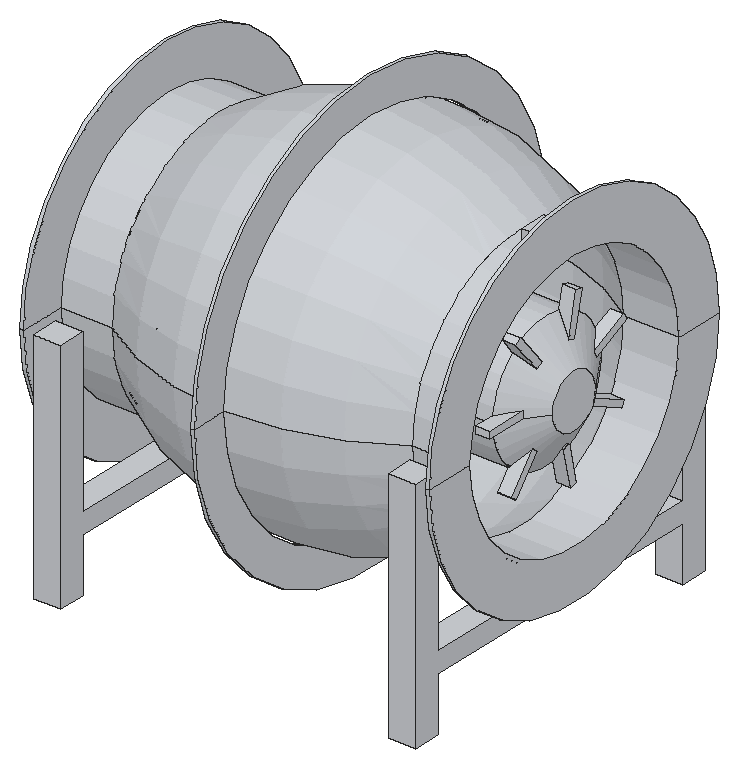
Revit family "M_Ventilador centrífugo - Em linha - Tubular", category Equipamento mecânico, Revit 2019
Family settings
  Cota do conector redondo = Usar raio
  Tipo de parte = Normal
  Número OmniClass = 23.75.35.17.27
  Título OmniClass = Centrifugal Fans
  ID de item do Seek = Centrifugal Fan - Inline - Tubular-0000-CAN-ENU
  Com base no plano de trabalho = Não
  Sempre na vertical = Sim
  Corte com vazios quando carregada = Não
  Compartilhado = Não
  Ponto de cálculo do ambiente = Não
Parameters (values of type "25-420 LPS")
  Voltagem = 208 V
  Deslocamento do suporte 2 = 311 mm
  Deslocamento do suporte 1 = 330 mm
  Classificação de carga = Refrigeração
  Pressão estática externa [instance] = 124.0 Pa
  Raio 7 = 25 mm
  Raio 6 = Comprimento 3  # 18.75 mm
  Raio 5 = 0.05 * Diâmetro da entrada de ar  # 12.5 mm
  Raio 4 = 0.5 * Diâmetro 1  # 205.5 mm
  Raio 3 = 0.5 * Diâmetro 3  # 62.5 mm
  Raio 2 = Raio 1 - 3 mm  # 235 mm
  Raio 1 = 238 mm
  RPM [instance] = 1725 Hz
  Comprimento total = 381 mm
  Altura total = Altura 1 + (Diâmetro 1 * 0.5)  # 425.5 mm
  Número de pólos = 3
  Comprimento 4 = 0.5 * (Comprimento total - Deslocamento do suporte 1)  # 25.5 mm
  Comprimento 3 = 1.5 * Raio 5  # 18.75 mm
  Comprimento 2 = 0.5 * Raio 5  # 6.25 mm
  Comprimento 1 = Raio 3 + 20 mm  # 82.5 mm
  Altura 1 = 220 mm
  Fluxo [instance] = 420.0 L/s
  Raio do ventilador = 0.5 * Diâmetro do ventilador  # 172 mm
  Material do ventilador = none
  Diâmetro do ventilador = Diâmetro 1 - 67 mm  # 344 mm
  Diâmetro 3 = 0.5 * Diâmetro da entrada de ar  # 125 mm
  Diâmetro 1 = 411 mm
  Carga aparente [instance] = 104 VA
  Raio do duto = 125 mm
  Diâmetro da entrada de ar = Raio do duto * 2  # 250 mm
Types (8, lengths in mm): name | Deslocamento do suporte 2 | Deslocamento do suporte 1 | Raio 6 | Raio 5 | Raio 4 | Raio 3 | Raio 2 | Raio 1 | RPM | Comprimento total | Altura total | Comprimento 4 | Comprimento 3 | Comprimento 2 | Comprimento 1 | Altura 1 | Fluxo | Raio do ventilador | Diâmetro do ventilador | Diâmetro 3 | Diâmetro 1 | Carga aparente | Raio do duto | Diâmetro da entrada de ar
  (no name) | 311 | 330 | 18.75 | 12.5 | 205.5 | 62.5 | 235 | 238 | 1725 Hz | 381 | 425.5 | 25.5 | 18.75 | 6.25 | 82.5 | 220 | 420.0 L/s | 172 | 344 | 125 | 411 | 104 VA | 125 | 250
  24-165 LPS | 260 | 286 | 15 | 10 | 170.5 | 50 | 208 | 211 | 1550 Hz | 337 | 348.5 | 25.5 | 15 | 5 | 70 | 178 | 165.0 L/s | 137 | 274 | 100 | 341 | 31.3 VA | 100 | 200
  25-420 LPS | 311 | 330 | 18.75 | 12.5 | 205.5 | 62.5 | 235 | 238 | 1725 Hz | 381 | 425.5 | 25.5 | 18.75 | 6.25 | 82.5 | 220 | 420.0 L/s | 172 | 344 | 125 | 411 | 104 VA | 125 | 250
  76-763 LPS | 359 | 384 | 22.5 | 15 | 244.5 | 75 | 263 | 266 | 1725 Hz | 435 | 496.5 | 25.5 | 22.5 | 7.5 | 95 | 252 | 763.0 L/s | 211 | 422 | 150 | 489 | 209 VA | 150 | 300
  71-1347 LPS | 413 | 435 | 26.25 | 17.5 | 278.5 | 87.5 | 301 | 304 | 1725 Hz | 486 | 568.5 | 25.5 | 26.25 | 8.75 | 107.5 | 290 | 1347.0 L/s | 245 | 490 | 175 | 557 | 627 VA | 175 | 350
  221-2095 LPS | 464 | 497 | 30 | 20 | 315 | 100 | 350 | 353 | 1725 Hz | 548 | 637 | 25.5 | 30 | 10 | 120 | 322 | 2095.0 L/s | 281.5 | 563 | 200 | 630 | 1250 VA | 200 | 400
  172-2039 LPS | 518 | 572 | 33.75 | 22.5 | 352.5 | 112.5 | 417 | 420 | 1140 Hz | 622 | 707.5 | 25 | 33.75 | 11.25 | 132.5 | 355 | 2040.0 L/s | 319 | 638 | 225 | 705 | 627 VA | 225 | 450
  489-2667 LPS | 572 | 619 | 37.5 | 25 | 387 | 125 | 451 | 454 | 1140 Hz | 667 | 787 | 24 | 37.5 | 12.5 | 145 | 400 | 2667.0 L/s | 353.5 | 707 | 250 | 774 | 940 VA | 250 | 500
Reference planes
  plane 1 "Centro (Frente/Trás)": y = 0
  plane 2: z = 0
  plane 3 "Centro (Esquerda/Direita)": x = 0
  plane 4: y = 155.5
  plane 5: y = -155.5
  plane 6: y = 168.2
  plane 7: y = 142.8
  plane 8: y = -142.8
  plane 9: y = -168.2
  plane 10: x = 12.7
  plane 11: x = 25.4
  plane 12: x = 342.7
  plane 13: x = 355.4
  plane 14: x = 330
  plane 15 "Planta 1": z = 220
  plane 16: z = 50.8
  plane 17: z = 69.85
  plane 18: x = -12.8
  plane 19: x = 368.2
  plane 20: y = 125
  plane 21: y = 121.825
  plane 22: x = 38
  plane 23: x = 317.4
  plane 24: x = 177.7
  plane 25: x = -9.625
  plane 26: x = 365.025
  plane 27: y = 12.7
  plane 28: y = -12.7
  plane 29: z = 345
  plane 30: z = 356.113
  plane 31: y = 205.5
  plane 32: y = -205.5
  plane 33: y = 172
  plane 34: x = 176.113
  plane 35: x = 179.288
  plane 36: x = 196.45
  plane 37: x = 158.95
  plane 38: x = 183.95
  plane 39: x = 171.45
Forms (mm)
  Extrusion 1, solid, material <- "Material do ventilador"
    sketch origin (0, 0, 0) x (1, 0, 0) y (0, 1, 0)
      loop
        line (0, 168.2) -> (0, 142.8) -> (25.4, 142.8) -> (25.4, 168.2) -> (0, 168.2)
    from 0 to 220
  Extrusion 2, solid, material <- "Material do ventilador"
    sketch origin (0, 0, 0) x (1, 0, 0) y (0, 1, 0)
      loop
        line (0, -142.8) -> (0, -168.2) -> (25.4, -168.2) -> (25.4, -142.8) -> (0, -142.8)
    from 0 to 220
  Extrusion 3, solid, material <- "Material do ventilador"
    sketch origin (0, 0, 0) x (1, 0, 0) y (0, 1, 0)
      loop
        line (330, -142.8) -> (330, -168.2) -> (355.4, -168.2) -> (355.4, -142.8) -> (330, -142.8)
    from 0 to 220
  Extrusion 4, solid, material <- "Material do ventilador"
    sketch origin (0, 0, 0) x (1, 0, 0) y (0, 1, 0)
      loop
        line (330, 168.2) -> (330, 142.8) -> (355.4, 142.8) -> (355.4, 168.2) -> (330, 168.2)
    from 0 to 220
  Extrusion 5, solid, material <- "Material do ventilador"
    sketch origin (0, 0, 0) x (1, 0, 0) y (0, 1, 0)
      loop
        line (0, 142.8) -> (0, -142.8) -> (25.4, -142.8) -> (25.4, 142.8) -> (0, 142.8)
    from 50.8 to 69.85
  Extrusion 6, solid, material <- "Material do ventilador"
    sketch origin (0, 0, 0) x (1, 0, 0) y (0, 1, 0)
      loop
        line (330, 142.8) -> (330, -142.8) -> (355.4, -142.8) -> (355.4, 142.8) -> (330, 142.8)
    from 50.8 to 69.85
  Extrusion 7, solid, material <- "Material do ventilador"
    sketch origin (0, 0, 0) x (0, 1, 0) y (0, 0, 1)
      loop
        circle (0, 220) r 62.5
    from 12.7 to 342.7
  Blend 8, solid, material <- "Material do ventilador"
    base sketch origin (0, 0, 0) x (0, 1, 0) y (0, 0, 1)
      loop
        circle (0, 220) r 62.5
    top sketch origin (0, 0, 0) x (0, 1, 0) y (0, 0, 1)
      loop
        circle (0, 220) r 25
    from 12.7 to -12.8
  Blend 9, solid, material <- "Material do ventilador"
    base sketch origin (0, 0, 0) x (0, 1, 0) y (0, 0, 1)
      loop
        circle (0, 220) r 62.5
    top sketch origin (0, 0, 0) x (0, 1, 0) y (0, 0, 1)
      loop
        circle (0, 220) r 25
    from 342.7 to 368.2
  Extrusion 10, solid, material <- "Material do ventilador"
    sketch origin (0, 0, -0.794) x (0, 1, 0) y (0, 0, 1)
      loop
        line (0, 227.144) -> (-82.5, 227.144) -> (-82.5, 220.794) -> (0, 220.794) -> (0, 227.144)
    from 0 to 12.7
  Extrusion 11, solid, material <- "Material do ventilador"
    sketch origin (0, 312.772, 150.623) x (0, 0.62349, 0.781831) y (0, -0.781831, 0.62349)
      loop
        line (-140.769, 294.141) -> (-223.269, 294.141) -> (-223.269, 287.791) -> (-140.769, 287.791) -> (-140.769, 294.141)
    from 0 to 12.7
  Extrusion 12, solid, material <- "Material do ventilador"
    sketch origin (0, -312.772, 150.623) x (0, 0.62349, -0.781831) y (0, 0.781831, 0.62349)
      loop
        line (140.769, 294.141) -> (58.269, 294.141) -> (58.269, 287.791) -> (140.769, 287.791) -> (140.769, 294.141)
    from 0 to 12.7
  Extrusion 13, solid, material <- "Material do ventilador"
    sketch origin (0, -390.02, 489.069) x (0, -0.222521, -0.974928) y (0, 0.974928, -0.222521)
      loop
        line (175.536, 446.465) -> (93.036, 446.465) -> (93.036, 440.115) -> (175.536, 440.115) -> (175.536, 446.465)
    from 0 to 12.7
  Extrusion 14, solid, material <- "Material do ventilador"
    sketch origin (0, -173.575, 760.483) x (0, -0.900969, -0.433884) y (0, 0.433884, -0.900969)
      loop
        line (78.121, 568.619) -> (-4.379, 568.619) -> (-4.379, 562.269) -> (78.121, 562.269) -> (78.121, 568.619)
    from 0 to 12.7
  Extrusion 15, solid, material <- "Material do ventilador"
    sketch origin (0, 173.575, 760.483) x (0, -0.900969, 0.433884) y (0, -0.433884, -0.900969)
      loop
        line (-78.121, 568.619) -> (-160.621, 568.619) -> (-160.621, 562.269) -> (-78.121, 562.269) -> (-78.121, 568.619)
    from 0 to 12.7
  Extrusion 16, solid, material <- "Material do ventilador"
    sketch origin (0, 390.02, 489.069) x (0, -0.222521, 0.974928) y (0, -0.974928, -0.222521)
      loop
        line (-175.536, 446.465) -> (-258.036, 446.465) -> (-258.036, 440.115) -> (-175.536, 440.115) -> (-175.536, 446.465)
    from 0 to 12.7
  Extrusion 17, solid, material <- "Material do ventilador"
    sketch origin (0, 0, 0) x (0, 1, 0) y (0, 0, 1)
      loop
        line (-82.5, 226.35) -> (-82.5, 220) -> (0, 220) -> (0, 226.35) -> (-82.5, 226.35)
    from 342.7 to 355.4
  Extrusion 18, solid, material <- "Material do ventilador"
    sketch origin (0, -312.772, 150.623) x (0, 0.62349, -0.781831) y (0, 0.781831, 0.62349)
      loop
        line (58.269, 294.141) -> (58.269, 287.791) -> (140.769, 287.791) -> (140.769, 294.141) -> (58.269, 294.141)
    from 342.7 to 355.4
  Extrusion 19, solid, material <- "Material do ventilador"
    sketch origin (0, 312.772, 150.623) x (0, 0.62349, 0.781831) y (0, -0.781831, 0.62349)
      loop
        line (-223.269, 294.141) -> (-223.269, 287.791) -> (-140.769, 287.791) -> (-140.769, 294.141) -> (-223.269, 294.141)
    from 342.7 to 355.4
  Extrusion 20, solid, material <- "Material do ventilador"
    sketch origin (0, 390.02, 489.069) x (0, -0.222521, 0.974928) y (0, -0.974928, -0.222521)
      loop
        line (-258.036, 446.465) -> (-258.036, 440.115) -> (-175.536, 440.115) -> (-175.536, 446.465) -> (-258.036, 446.465)
    from 342.7 to 355.4
  Extrusion 21, solid, material <- "Material do ventilador"
    sketch origin (0, 173.575, 760.483) x (0, -0.900969, 0.433884) y (0, -0.433884, -0.900969)
      loop
        line (-160.621, 568.619) -> (-160.621, 562.269) -> (-78.121, 562.269) -> (-78.121, 568.619) -> (-160.621, 568.619)
    from 342.7 to 355.4
  Extrusion 22, solid, material <- "Material do ventilador"
    sketch origin (0, -173.575, 760.483) x (0, -0.900969, -0.433884) y (0, 0.433884, -0.900969)
      loop
        line (-4.379, 568.619) -> (-4.379, 562.269) -> (78.121, 562.269) -> (78.121, 568.619) -> (-4.379, 568.619)
    from 342.7 to 355.4
  Extrusion 23, solid, material <- "Material do ventilador"
    sketch origin (0, -390.02, 489.069) x (0, -0.222521, -0.974928) y (0, 0.974928, -0.222521)
      loop
        line (93.036, 446.465) -> (93.036, 440.115) -> (175.536, 440.115) -> (175.536, 446.465) -> (93.036, 446.465)
    from 342.7 to 355.4
  Revolve 24, solid, material <- "Material do ventilador"
    sketch origin (0, 0, 220) x (-1, 0, 0) y (0, -1, 0)
      loop
        line (12.8, -125) -> (12.8, -121.825) -> (-38, -121.825) -> (-38, -125) -> (12.8, -125)
      axis (12.8, 0) -> (-38, 0)
    angle from 0 to 360
  Revolve 25, solid, material <- "Material do ventilador"
    sketch origin (1.588, 0, 220) x (-1, 0, 0) y (0, -1, 0)
      loop
        line (-315.813, -125) -> (-315.813, -121.825) -> (-366.613, -121.825) -> (-366.613, -125) -> (-315.813, -125)
      axis (-315.813, 0) -> (-366.613, 0)
    angle from 0 to 360
  Revolve 26, solid, material <- "Material do ventilador"
    sketch origin (0, 0, 220) x (-1, 0, 0) y (0, -1, 0)
      loop
        line (-38, -125) -> (-38, -121.825)
        arc (-38, -121.825) -> (-177.7, -167.857) -> (-317.4, -121.825) r 235
        line (-317.4, -121.825) -> (-317.4, -125)
        arc (-317.4, -125) -> (-177.7, -170.314) -> (-38, -125) r 238
      axis (-38, 0) -> (-317.4, 0)
    angle from 0 to 360
  Revolve 27, solid, material <- "Material do ventilador"
    sketch origin (0, 0, 220) x (-1, 0, 0) y (0, -1, 0)
      loop
        line (12.8, -168.2) -> (12.8, -125) -> (9.625, -125) -> (9.625, -168.2) -> (12.8, -168.2)
      axis (12.8, 0) -> (9.625, 0)
    angle from 0 to 360
  Revolve 28, solid, material <- "Material do ventilador"
    sketch origin (0, 0, 220) x (-1, 0, 0) y (0, -1, 0)
      loop
        line (-365.025, -168.2) -> (-365.025, -125) -> (-368.2, -125) -> (-368.2, -168.2) -> (-365.025, -168.2)
      axis (-365.025, 0) -> (-368.2, 0)
    angle from 0 to 360
  Extrusion 29, solid, material <- "Material do ventilador"
    sketch origin (0, 0, 220) x (-1, 0, 0) y (0, -1, 0)
      loop
        line (-330, -12.7) -> (-330, 12.7) -> (-355.4, 12.7) -> (-355.4, -12.7) -> (-330, -12.7)
    from 125 to 136.113
  Revolve 30, solid, material <- "Material do ventilador"
    sketch origin (0, 0, 220) x (-1, 0, 0) y (0, -1, 0)
      loop
        line (-176.113, -205.5) -> (-176.113, -172) -> (-179.288, -172) -> (-179.288, -205.5) -> (-176.113, -205.5)
      axis (-176.113, 0) -> (-179.288, 0)
    angle from 0 to 360
Cuts and joins
  joined: Extrusion 7, Blend 8, Blend 9, Extrusion 10, Extrusion 11, Extrusion 12, Extrusion 13, Extrusion 14, Extrusion 15, Extrusion 16, Extrusion 17, Extrusion 18, Extrusion 19, Extrusion 20, Extrusion 21, Extrusion 22, Extrusion 23
  joined: Extrusion 1, Extrusion 2, Extrusion 5
  joined: Extrusion 3, Extrusion 4, Extrusion 6
  joined: Revolve 24, Revolve 25, Revolve 26, Revolve 27, Revolve 28, Extrusion 29
Lines and regions (mm)
  symbolic lines, detail levels coarse+medium
    curve 1: circle (177.7, 0, 0) r 12.5 normal (0, 0, 1)
    curve 2: line (171.45, 10.825, 0) -> (158.95, 155.5, 0)
    curve 3: line (196.45, 155.5, 0) -> (183.95, 10.825, 0)
    curve 4: arc (158.95, 155.5, 0) -> (177.7, 174.25, 0) -> (196.45, 155.5, 0) r 18.75
    curve 5: arc (158.95, -155.5, 0) -> (177.7, -174.25, 0) -> (196.45, -155.5, 0) r 18.75
    curve 6: line (196.45, -155.5, 0) -> (183.95, -10.825, 0)
    curve 7: line (171.45, -10.825, 0) -> (158.95, -155.5, 0)
    curve 8: line (-12.8, 205.5, 0) -> (368.2, 205.5, 0)
    curve 9: line (-12.8, -205.5, 0) -> (-12.8, 205.5, 0)
    curve 10: line (368.2, -205.5, 0) -> (-12.8, -205.5, 0)
    curve 11: line (368.2, 205.5, 0) -> (368.2, -205.5, 0)
  symbolic lines, detail levels fine
    curve 12: line (-12.8, 168.2, 0) -> (-9.625, 168.2, 0)
    curve 13: line (-12.8, -168.2, 0) -> (-12.8, 168.2, 0)
    curve 14: line (-9.625, -168.2, 0) -> (-12.8, -168.2, 0)
    curve 15: line (-9.625, 168.2, 0) -> (-9.625, -168.2, 0)
    curve 16: line (0, 168.2, 0) -> (25.4, 168.2, 0)
    curve 17: line (0, 125, 0) -> (0, 168.2, 0)
    curve 18: line (25.4, 168.2, 0) -> (25.4, 125, 0)
    curve 19: line (38, -123.75, 0) -> (-9.625, -123.75, 0)
    curve 20: line (38, 125, 0) -> (38, -123.75, 0)
    curve 21: line (-9.625, 125, 0) -> (38, 125, 0)
    curve 22: line (0, -123.75, 0) -> (0, -168.2, 0)
    curve 23: line (0, -168.2, 0) -> (25.4, -168.2, 0)
    curve 24: line (25.4, -168.2, 0) -> (25.4, -123.75, 0)
    curve 25: arc (38, 125, 0) -> (177.7, 170.314, 0) -> (317.4, 125, 0) r 238
    curve 26: line (317.4, 125, 0) -> (365.025, 125, 0)
    curve 27: line (330, 125, 0) -> (330, 168.2, 0)
    curve 28: line (330, 168.2, 0) -> (355.4, 168.2, 0)
    curve 29: line (355.4, 168.2, 0) -> (355.4, 125, 0)
    curve 30: line (365.025, 168.2, 0) -> (368.2, 168.2, 0)
    curve 31: line (365.025, -168.2, 0) -> (365.025, 168.2, 0)
    curve 32: line (368.2, -168.2, 0) -> (365.025, -168.2, 0)
    curve 33: line (368.2, 168.2, 0) -> (368.2, -168.2, 0)
    curve 34: line (317.4, 125, 0) -> (317.4, -123.75, 0)
    curve 35: line (317.4, -123.75, 0) -> (365.025, -123.75, 0)
    curve 36: line (330, -123.75, 0) -> (330, -168.2, 0)
    curve 37: line (330, -168.2, 0) -> (355.4, -168.2, 0)
    curve 38: line (355.4, -168.2, 0) -> (355.4, -123.75, 0)
    curve 39: arc (38, -123.75, 0) -> (177.7, -169.064, 0) -> (317.4, -123.75, 0) r 238
    curve 40: line (176.113, 205.5, 0) -> (179.288, 205.5, 0)
    curve 41: line (176.113, -205.5, 0) -> (176.113, 205.5, 0)
    curve 42: line (179.288, -205.5, 0) -> (176.113, -205.5, 0)
    curve 43: line (179.288, 205.5, 0) -> (179.288, -205.5, 0)
Dimensions and locks
  equal spacing: plane 5, plane 1 "Centro (Frente/Trás)", plane 4
  "Deslocamento do suporte 2": plane 5 to plane 4
  equal spacing: plane 7, plane 4, plane 6
  locked: plane 7 to plane 6 at 25.4
  equal spacing: plane 9, plane 5, plane 8
  locked: plane 9 to plane 8 at 25.4
  equal spacing: plane 3 "Centro (Esquerda/Direita)", plane 10, plane 11
  locked: plane 3 "Centro (Esquerda/Direita)" to plane 11 at 25.4
  "Deslocamento do suporte 1": plane 10 to plane 12
  equal spacing: plane 14, plane 12, plane 13
  locked: plane 14 to plane 13 at 25.4
  "Altura 1": plane 15 "Planta 1" to plane 2
  locked: plane 16 to plane 2 at 50.8
  locked: plane 17 to plane 16 at 19.05
  "Comprimento 4": plane 18 to plane 10
  "Comprimento total": plane 18 to plane 19
  "Comprimento 1": Extrusion 10 sketch curve to Extrusion 10 sketch curve
  locked: Extrusion 10 sketch curve to Extrusion 10 sketch curve at 6.35
  "Comprimento 1": Extrusion 12 sketch curve to Extrusion 12 sketch curve
  locked: Extrusion 12 sketch curve to Extrusion 12 sketch curve at 6.35
  "Comprimento 1": Extrusion 13 sketch curve to Extrusion 13 sketch curve
  locked: Extrusion 13 sketch curve to Extrusion 13 sketch curve at 6.35
  "Comprimento 1": Extrusion 14 sketch curve to Extrusion 14 sketch curve
  locked: Extrusion 14 sketch curve to Extrusion 14 sketch curve at 6.35
  locked: Extrusion 15 sketch curve to Extrusion 15 sketch curve at 6.35
  "Comprimento 1": Extrusion 15 sketch curve to Extrusion 15 sketch curve
  locked: Extrusion 16 sketch curve to Extrusion 16 sketch curve at 6.35
  "Comprimento 1": Extrusion 16 sketch curve to Extrusion 16 sketch curve
  locked: Extrusion 11 sketch curve to Extrusion 11 sketch curve at 6.35
  "Comprimento 1": Extrusion 11 sketch curve to Extrusion 11 sketch curve
  "Comprimento 1": Extrusion 17 sketch curve to Extrusion 17 sketch curve
  locked: Extrusion 17 sketch curve to Extrusion 17 sketch curve at 6.35
  locked: Extrusion 19 sketch curve to Extrusion 19 sketch curve at 6.35
  "Comprimento 1": Extrusion 19 sketch curve to Extrusion 19 sketch curve
  locked: Extrusion 20 sketch curve to Extrusion 20 sketch curve at 6.35
  "Comprimento 1": Extrusion 20 sketch curve to Extrusion 20 sketch curve
  locked: Extrusion 21 sketch curve to Extrusion 21 sketch curve at 6.35
  "Comprimento 1": Extrusion 21 sketch curve to Extrusion 21 sketch curve
  locked: Extrusion 22 sketch curve to Extrusion 22 sketch curve at 6.35
  "Comprimento 1": Extrusion 22 sketch curve to Extrusion 22 sketch curve
  locked: Extrusion 23 sketch curve to Extrusion 23 sketch curve at 6.35
  "Comprimento 1": Extrusion 23 sketch curve to Extrusion 23 sketch curve
  locked: Extrusion 18 sketch curve to Extrusion 18 sketch curve at 6.35
  "Comprimento 1": Extrusion 18 sketch curve to Extrusion 18 sketch curve
  "Raio do duto": plane 1 "Centro (Frente/Trás)" to plane 20
  locked: plane 21 to plane 20 at 3.175
  locked: plane 18 to plane 22 at 50.8
  locked: plane 23 to plane 19 at 50.8
  equal spacing: plane 18, plane 24, plane 19
  locked: plane 18 to plane 25 at 3.175
  locked: plane 26 to plane 19 at 3.175
  equal spacing: plane 28, plane 1 "Centro (Frente/Trás)", plane 27
  locked: plane 28 to plane 27 at 25.4
  "Raio do duto": plane 29 to plane 15 "Planta 1"
  locked: plane 30 to plane 29 at 11.113
  "Raio 4": plane 1 "Centro (Frente/Trás)" to plane 31
  equal spacing: plane 32, plane 1 "Centro (Frente/Trás)", plane 31
  "Raio do ventilador": plane 1 "Centro (Frente/Trás)" to plane 33
  equal spacing: plane 34, plane 24, plane 35
  locked: plane 34 to plane 35 at 3.175
  "Comprimento 3": plane 24 to plane 36
  equal spacing: plane 37, plane 24, plane 36
  "Comprimento 2": plane 24 to plane 38
  equal spacing: plane 39, plane 24, plane 38
  "Raio 3": radius of Extrusion 7 sketch curve
  "Raio 3": radius of Blend 8 sketch curve
  "Raio 7": radius of Blend 8 sketch curve
  "Raio 3": radius of Blend 9 sketch curve
  "Raio 7": radius of Blend 9 sketch curve
  "Raio 1": radius of Revolve 26 sketch curve
  "Raio 2": radius of Revolve 26 sketch curve
  "Raio 5": radius of curve 1
  "Raio 6": radius of curve 4
  "Raio 6": radius of curve 5
  "Raio 1": radius of curve 25
  "Raio 1": radius of curve 39
  locked: plane 15 "Planta 1" to Extrusion 12 sketch curve (angle 51.4286°)
  locked: plane 15 "Planta 1" to Extrusion 13 sketch curve (angle 102.857°)
  locked: plane 15 "Planta 1" to Extrusion 14 sketch curve (angle 154.286°)
  locked: plane 15 "Planta 1" to Extrusion 15 sketch curve (angle 25.7143°)
  locked: plane 15 "Planta 1" to Extrusion 16 sketch curve (angle 77.1429°)
  locked: plane 15 "Planta 1" to Extrusion 11 sketch curve (angle 128.571°)
  locked: plane 15 "Planta 1" to Extrusion 20 sketch curve (angle 102.857°)
  locked: plane 15 "Planta 1" to Extrusion 19 sketch curve (angle 51.4286°)
  locked: plane 15 "Planta 1" to Extrusion 21 sketch curve (angle 154.286°)
  locked: plane 15 "Planta 1" to Extrusion 22 sketch curve (angle 25.7143°)
  locked: plane 15 "Planta 1" to Extrusion 23 sketch curve (angle 77.1429°)
  locked: plane 15 "Planta 1" to Extrusion 18 sketch curve (angle 128.571°)
  aligned and locked: plane 3 "Centro (Esquerda/Direita)" to Extrusion 1 sketch curve
  aligned and locked: plane 6 to Extrusion 1 sketch curve
  aligned and locked: plane 7 to Extrusion 1 sketch curve
  aligned and locked: Extrusion 1 sketch curve to plane 11
  aligned and locked: plane 3 "Centro (Esquerda/Direita)" to Extrusion 2 sketch curve
  aligned and locked: plane 8 to Extrusion 2 sketch curve
  aligned and locked: plane 9 to Extrusion 2 sketch curve
  aligned and locked: Extrusion 2 sketch curve to plane 11
  aligned and locked: plane 14 to Extrusion 3 sketch curve
  aligned and locked: plane 8 to Extrusion 3 sketch curve
  aligned and locked: plane 9 to Extrusion 3 sketch curve
  aligned and locked: Extrusion 3 sketch curve to plane 13
  aligned and locked: plane 14 to Extrusion 4 sketch curve
  aligned and locked: plane 6 to Extrusion 4 sketch curve
  aligned and locked: plane 7 to Extrusion 4 sketch curve
  aligned and locked: Extrusion 4 sketch curve to plane 13
  aligned and locked: plane 15 "Planta 1" to Extrusion 2
  aligned and locked: plane 15 "Planta 1" to Extrusion 1
  aligned and locked: plane 15 "Planta 1" to Extrusion 3
  aligned and locked: plane 15 "Planta 1" to Extrusion 4
  aligned and locked: Extrusion 2 to plane 2
  aligned and locked: Extrusion 3 to plane 2
  aligned and locked: Extrusion 4 to plane 2
  aligned and locked: Extrusion 1 to plane 2
  aligned and locked: Extrusion 1 to Extrusion 5 sketch curve
  aligned and locked: Extrusion 5 sketch curve to Extrusion 1
  aligned and locked: Extrusion 5 sketch curve to Extrusion 2  (x2)
  aligned and locked: Extrusion 4 to Extrusion 6 sketch curve
  aligned and locked: Extrusion 6 sketch curve to Extrusion 4
  aligned and locked: Extrusion 6 sketch curve to Extrusion 3  (x2)
  aligned and locked: plane 17 to Extrusion 5
  aligned and locked: Extrusion 5 to plane 16
  aligned and locked: plane 17 to Extrusion 6
  aligned and locked: Extrusion 6 to plane 16
  aligned and locked: plane 1 "Centro (Frente/Trás)" to Extrusion 7 sketch curve
  aligned and locked: plane 15 "Planta 1" to Extrusion 7 sketch curve
  aligned and locked: Extrusion 7 to plane 10
  aligned and locked: plane 12 to Extrusion 7
  aligned and locked: plane 1 "Centro (Frente/Trás)" to Blend 8 sketch curve  (x2)
  aligned and locked: plane 15 "Planta 1" to Blend 8 sketch curve  (x2)
  aligned and locked: Blend 8 to plane 18
  aligned and locked: plane 10 to Blend 8
  aligned and locked: plane 1 "Centro (Frente/Trás)" to Blend 9 sketch curve  (x2)
  aligned and locked: plane 15 "Planta 1" to Blend 9 sketch curve  (x2)
  aligned and locked: plane 19 to Blend 9
  aligned and locked: Blend 9 to plane 12
  aligned and locked: Extrusion 10 to plane 1 "Centro (Frente/Trás)"
  aligned and locked: Extrusion 10 to plane 15 "Planta 1"
  aligned and locked: plane 1 "Centro (Frente/Trás)" to Extrusion 12 sketch curve
  aligned and locked: plane 15 "Planta 1" to Extrusion 12 sketch curve
  aligned and locked: plane 1 "Centro (Frente/Trás)" to Extrusion 13 sketch curve
  aligned and locked: plane 15 "Planta 1" to Extrusion 13 sketch curve
  aligned and locked: plane 1 "Centro (Frente/Trás)" to Extrusion 14 sketch curve
  aligned and locked: plane 15 "Planta 1" to Extrusion 14 sketch curve
  aligned and locked: plane 1 "Centro (Frente/Trás)" to Extrusion 15 sketch curve
  aligned and locked: plane 15 "Planta 1" to Extrusion 15 sketch curve
  aligned and locked: plane 1 "Centro (Frente/Trás)" to Extrusion 16 sketch curve
  aligned and locked: plane 15 "Planta 1" to Extrusion 16 sketch curve
  aligned and locked: plane 1 "Centro (Frente/Trás)" to Extrusion 11 sketch curve
  aligned and locked: plane 15 "Planta 1" to Extrusion 11 sketch curve
  aligned and locked: Extrusion 16 to plane 3 "Centro (Esquerda/Direita)"
  aligned and locked: plane 10 to Extrusion 16
  aligned and locked: Extrusion 13 to plane 3 "Centro (Esquerda/Direita)"
  aligned and locked: plane 10 to Extrusion 13
  aligned and locked: Extrusion 15 to plane 3 "Centro (Esquerda/Direita)"
  aligned and locked: plane 10 to Extrusion 15
  aligned and locked: Extrusion 10 to plane 3 "Centro (Esquerda/Direita)"
  aligned and locked: plane 10 to Extrusion 10
  aligned and locked: Extrusion 12 to plane 3 "Centro (Esquerda/Direita)"
  aligned and locked: plane 10 to Extrusion 12
  aligned and locked: Extrusion 14 to plane 3 "Centro (Esquerda/Direita)"
  aligned and locked: plane 10 to Extrusion 14
  aligned and locked: Extrusion 11 to plane 3 "Centro (Esquerda/Direita)"
  aligned and locked: plane 10 to Extrusion 11
  aligned and locked: plane 1 "Centro (Frente/Trás)" to Extrusion 17 sketch curve
  aligned and locked: plane 15 "Planta 1" to Extrusion 17 sketch curve
  aligned and locked: plane 1 "Centro (Frente/Trás)" to Extrusion 19 sketch curve
  aligned and locked: plane 15 "Planta 1" to Extrusion 19 sketch curve
  aligned and locked: plane 1 "Centro (Frente/Trás)" to Extrusion 20 sketch curve
  aligned and locked: plane 15 "Planta 1" to Extrusion 20 sketch curve
  aligned and locked: plane 1 "Centro (Frente/Trás)" to Extrusion 21 sketch curve
  aligned and locked: plane 15 "Planta 1" to Extrusion 21 sketch curve
  aligned and locked: plane 1 "Centro (Frente/Trás)" to Extrusion 22 sketch curve
  aligned and locked: plane 15 "Planta 1" to Extrusion 22 sketch curve
  aligned and locked: plane 1 "Centro (Frente/Trás)" to Extrusion 23 sketch curve
  aligned and locked: plane 15 "Planta 1" to Extrusion 23 sketch curve
  aligned and locked: plane 1 "Centro (Frente/Trás)" to Extrusion 18 sketch curve
  aligned and locked: plane 15 "Planta 1" to Extrusion 18 sketch curve
  aligned and locked: plane 13 to Extrusion 22
  aligned and locked: plane 13 to Extrusion 21
  aligned and locked: plane 13 to Extrusion 18
  aligned and locked: plane 13 to Extrusion 17
  aligned and locked: plane 13 to Extrusion 19
  aligned and locked: plane 13 to Extrusion 23
  aligned and locked: plane 13 to Extrusion 20
  aligned and locked: Extrusion 22 to plane 12
  aligned and locked: Extrusion 21 to plane 12
  aligned and locked: Extrusion 18 to plane 12
  aligned and locked: Extrusion 17 to plane 12
  aligned and locked: Extrusion 19 to plane 12
  aligned and locked: Extrusion 23 to plane 12
  aligned and locked: Extrusion 20 to plane 12
  aligned and locked: plane 18 to Revolve 24 sketch curve
  aligned and locked: plane 20 to Revolve 24 sketch curve
  aligned and locked: plane 21 to Revolve 24 sketch curve
  aligned and locked: Revolve 24 sketch curve to plane 22
  aligned and locked: plane 23 to Revolve 25 sketch curve
  aligned and locked: plane 20 to Revolve 25 sketch curve
  aligned and locked: plane 21 to Revolve 25 sketch curve
  aligned and locked: Revolve 25 sketch curve to plane 19
  aligned and locked: plane 24 to Revolve 26 sketch curve  (x2)
  aligned and locked: Revolve 26 sketch curve to Revolve 25
  aligned and locked: plane 22 to Revolve 26 sketch curve  (x2)
  aligned and locked: plane 21 to Revolve 26 sketch curve  (x2)
  aligned and locked: plane 20 to Revolve 26 sketch curve
  aligned and locked: plane 18 to Revolve 27 sketch curve
  aligned and locked: plane 6 to Revolve 27 sketch curve
  aligned and locked: plane 20 to Revolve 27 sketch curve
  aligned and locked: Revolve 27 sketch curve to plane 25
  aligned and locked: plane 26 to Revolve 28 sketch curve
  aligned and locked: plane 6 to Revolve 28 sketch curve
  aligned and locked: plane 20 to Revolve 28 sketch curve
  aligned and locked: Revolve 28 sketch curve to Revolve 25
  aligned and locked: plane 14 to Extrusion 29 sketch curve
  aligned and locked: plane 27 to Extrusion 29 sketch curve
  aligned and locked: plane 28 to Extrusion 29 sketch curve
  aligned and locked: Extrusion 29 sketch curve to plane 13
  aligned and locked: Extrusion 29 to plane 29
  aligned and locked: plane 30 to Extrusion 29
  aligned and locked: plane 34 to Revolve 30 sketch curve
  aligned and locked: plane 31 to Revolve 30 sketch curve
  aligned and locked: plane 33 to Revolve 30 sketch curve
  aligned and locked: Revolve 30 sketch curve to plane 35
  aligned and locked: plane 24 to curve 1
  aligned and locked: plane 1 "Centro (Frente/Trás)" to curve 1
  aligned and locked: plane 24 to curve 4
  aligned and locked: plane 4 to curve 4  (x3)
  aligned and locked: plane 5 to curve 5
  aligned and locked: plane 24 to curve 5
  aligned and locked: plane 5 to curve 6
  aligned and locked: plane 5 to curve 7
  aligned and locked: plane 39 to curve 2
  aligned and locked: plane 38 to curve 3
  aligned and locked: plane 39 to curve 7
  aligned and locked: plane 38 to curve 6
  aligned and locked: plane 18 to curve 8
  aligned and locked: plane 31 to curve 8
  aligned and locked: plane 32 to curve 11
  aligned and locked: curve 11 to plane 19
  aligned and locked: cut or joined group of Revolve 24, Revolve 25, Revolve 26, Revolve 27, Revolve 28, Extrusion 29 to curve 12
  aligned and locked: plane 6 to curve 12
  aligned and locked: plane 9 to curve 15
  aligned and locked: curve 15 to cut or joined group of Revolve 24, Revolve 25, Revolve 26, Revolve 27, Revolve 28, Extrusion 29
  aligned and locked: curve 16 to cut or joined group of Extrusion 1, Extrusion 2, Extrusion 5  (x2)
  aligned and locked: plane 20 to curve 18
  aligned and locked: curve 18 to plane 11
  aligned and locked: curve 20 to cut or joined group of Revolve 24, Revolve 25, Revolve 26, Revolve 27, Revolve 28, Extrusion 29
  aligned and locked: plane 20 to curve 21
  aligned and locked: curve 22 to plane 3 "Centro (Esquerda/Direita)"
  aligned and locked: plane 9 to cut or joined group of Extrusion 1, Extrusion 2, Extrusion 5
  aligned and locked: plane 11 to curve 24
  aligned and locked: plane 24 to curve 25
  aligned and locked: plane 20 to curve 26
  aligned and locked: plane 14 to curve 27
  aligned and locked: cut or joined group of Extrusion 3, Extrusion 4, Extrusion 6 to plane 6
  aligned and locked: curve 29 to plane 13
  aligned and locked: cut or joined group of Revolve 24, Revolve 25, Revolve 26, Revolve 27, Revolve 28, Extrusion 29 to curve 30
  aligned and locked: plane 9 to curve 33
  aligned and locked: curve 33 to cut or joined group of Revolve 24, Revolve 25, Revolve 26, Revolve 27, Revolve 28, Extrusion 29
  aligned and locked: plane 6 to curve 30
  aligned and locked: curve 36 to plane 14
  aligned and locked: plane 9 to cut or joined group of Extrusion 3, Extrusion 4, Extrusion 6
  aligned and locked: plane 13 to curve 38
  aligned and locked: plane 24 to curve 39
  aligned and locked: Revolve 30 to curve 40
  aligned and locked: plane 31 to curve 40
  aligned and locked: plane 32 to curve 43
  aligned and locked: curve 43 to Revolve 30
Automatic sketch dimensions
  Extrusion 10 sketch curve to plane 15 "Planta 1" = 0 mm
  Extrusion 10 sketch curve to plane 1 "Centro (Frente/Trás)" = 0 mm
  Revolve 24 sketch curve to plane 1 "Centro (Frente/Trás)" = 0 mm
  Revolve 24 sketch curve to plane 22 = 0 mm
  Revolve 24 sketch curve to plane 18 = 0 mm
  Revolve 25 sketch curve to plane 1 "Centro (Frente/Trás)" = 0 mm
  Revolve 25 sketch curve to plane 19 = 1.588 mm
  plane 23 to Revolve 25 sketch curve = 1.587 mm
  Revolve 26 sketch curve to plane 1 "Centro (Frente/Trás)" = 0 mm
  Revolve 26 sketch curve to plane 23 = 0 mm
  Revolve 26 sketch curve to plane 22 = 0 mm
  Revolve 27 sketch curve to plane 1 "Centro (Frente/Trás)" = 0 mm
  Revolve 27 sketch curve to plane 22 = 0 mm
  Revolve 27 sketch curve to plane 18 = 0 mm
  Revolve 28 sketch curve to plane 1 "Centro (Frente/Trás)" = 0 mm
  Revolve 28 sketch curve to plane 19 = 0 mm
  Revolve 28 sketch curve to plane 23 = 0 mm
  Revolve 30 sketch curve to plane 1 "Centro (Frente/Trás)" = 0 mm
  Revolve 30 sketch curve to plane 35 = 0 mm
  Revolve 30 sketch curve to plane 34 = 0 mm
  curve 36 to plane 9 = 0 mm
  curve 24 to plane 9 = 0 mm
  curve 28 to plane 6 = 0 mm
  curve 34 to plane 8 = 19.05 mm
Connectors
  hvac at (-12.8, 0, 220), driven by "Fluxo", driven by "Raio do duto"
    settings: on Revolve 24, index 1, duct flow 420.0 L/s, flow factor 0, pres drop -124.0 Pa, loss coef 0, conn angle 0.00°, conn width 304.8 mm, conn height 304.8 mm, conn diameter 250 mm, duct sys type 29, conn prof type 0, flow config 0, flow direction 0, loss method 0, conn ref index 2, conn util no, is conn primary yes, conn desc ""
  hvac at (368.2, 0, 220), driven by "Fluxo", driven by "Raio do duto"
    settings: on Revolve 25, index 2, duct flow 420.0 L/s, flow factor 0, pres drop -124.42 Pa, loss coef 0, conn angle 0.00°, conn width 304.8 mm, conn height 304.8 mm, conn diameter 250 mm, duct sys type 29, conn prof type 0, flow config 0, flow direction 0, loss method 0, conn ref index 1, conn util no, is conn primary no, conn desc ""
  electrical at (342.7, 0, 356.113), driven by "Número de pólos", driven by "Carga aparente", driven by "Voltagem", driven by "Classificação de carga"
    settings: on Extrusion 29, index 3, voltage 208 V, apparent load 104 VA, apparent load phase1 0 VA, apparent load phase2 0 VA, apparent load phase3 0 VA, power factor 0.8, load classification "Refrigeração", number of poles 3, system type 30, power factor state 1, is connector primary yes, connector utility no, sub classification motor no, connector description ""
